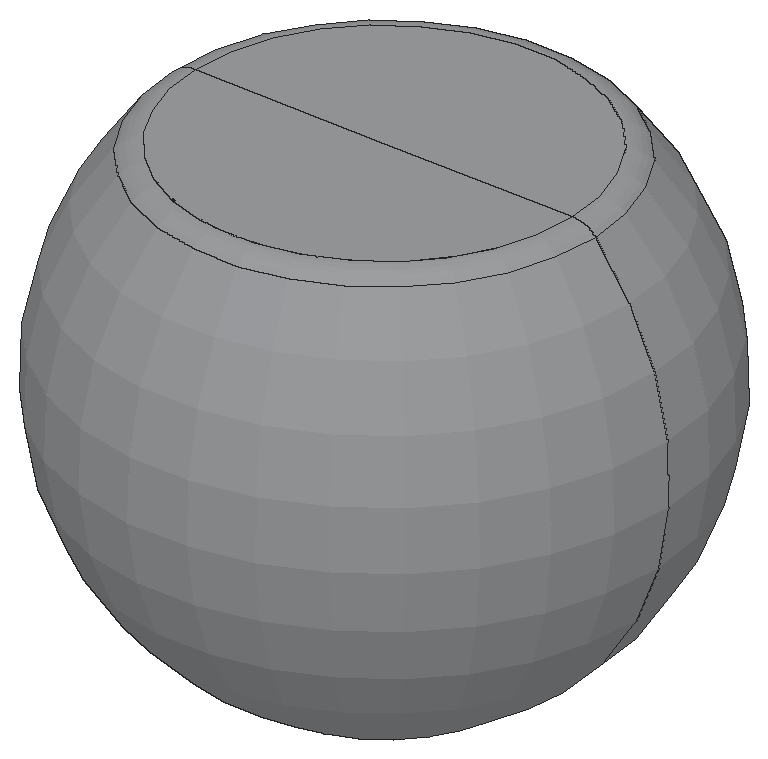
Revit family "Haworth_Cappellini_Bong_Table_AP_PRELIMINARY", category Furniture, Revit 2018
Family settings
  OmniClass Number = 23.40.20.00
  OmniClass Title = General Furniture and Specialties
  Work Plane-Based = No
  Always vertical = Yes
  Cut with Voids When Loaded = No
  Shared = No
  Room Calculation Point = No
Parameters (values of type "Bong table")
  Warranty = "http://www.haworth.com/resources/product-info/warranties"
  URL - Product = "https://www.haworth.com/ap/en/products/coffee-tables/bong.html"
  URL = "https://www.haworth.com/ap/en/company/brands/collection.html"
  Table Finish [instance] = Haworth _ Marble _ Carrara
  Size = "Verify Final Dim. w/ Haworth"  # constant formula
  Revision = "4"  # constant formula
  Radius = 240 mm  # constant formula
  Model = "BG_1"  # constant formula
  Manufacturer = "Haworth"  # constant formula
  Description = "Haworth - Cappellini - Bong - Service Table"  # constant formula
  Author = "Haworth (Hampton, Abd Rahman)"  # constant formula
  Assembly Code = "E2020200"
  Actual Height = 400 mm  # constant formula
Reference planes
  plane 1 "Center Front/Back": y = 0
  plane 2: z = 0
  plane 3 "Center Left/Right": x = 0
  plane 4 "Top": z = 400
  plane 5 "Left Post": x = -240
  plane 6 "Right Post": x = 240
Forms (mm)
  Revolve 1, solid, material "Haworth _ Marble _ Carrara" <- "Table Finish"
    sketch origin (0, 0, 0) x (1, 0, 0) y (0, 0, 1)
      loop
        line (0, 0) -> (0, 399.701) -> (-155.849, 399.701)
        arc (-155.849, 399.701) -> (-166.202, 397.495) -> (-174.757, 391.261) r 25.4
        arc (-174.757, 391.261) -> (-226.65, 164.227) -> (-61.523, 0) r 240.066
        line (-61.523, 0) -> (0, 0)
      axis (0, 399.701) -> (0, 0)
    angle from 0 to 360
Lines and regions (mm)
  Masking region 1
    outline origin (0, 0, 0) x (1, 0, 0) y (0, 1, 0)
      loop
        circle (0, 0) r 237.402
  symbolic lines, style "Haworth", detail levels medium
    curve 1: circle (0, 0, 0) r 177.8 normal (0, 0, 1)
Dimensions and locks
  "Actual Height": plane 4 "Top" to level
  "Radius": plane 3 "Center Left/Right" to plane 5 "Left Post"
  "Radius": plane 6 "Right Post" to plane 3 "Center Left/Right"
  radius of Masking region 1 sketch curve = 237.402 mm
Automatic sketch dimensions
  Revolve 1 sketch curve to level = 0 mm
  Revolve 1 sketch curve to plane 3 "Center Left/Right" = 0 mm
  Revolve 1 sketch curve to Revolve 1 sketch curve = 61.523 mm
  Revolve 1 sketch curve to plane 4 "Top" = 25.699 mm
  plane 5 "Left Post" to Revolve 1 sketch curve = 84.151 mm
  Revolve 1 sketch curve to plane 4 "Top" = 8.739 mm
  Revolve 1 sketch curve to Revolve 1 sketch curve = 18.908 mm
  Revolve 1 sketch curve to Revolve 1 sketch curve = 0 mm
  plane 1 "Center Front/Back" to Masking region 1 sketch curve = 0 mm
  Masking region 1 sketch curve to plane 3 "Center Left/Right" = 0 mm
  plane 1 "Center Front/Back" to curve 1 = 0 mm
  curve 1 to plane 3 "Center Left/Right" = 0 mm
  radius of curve 1 = 177.8 mm
